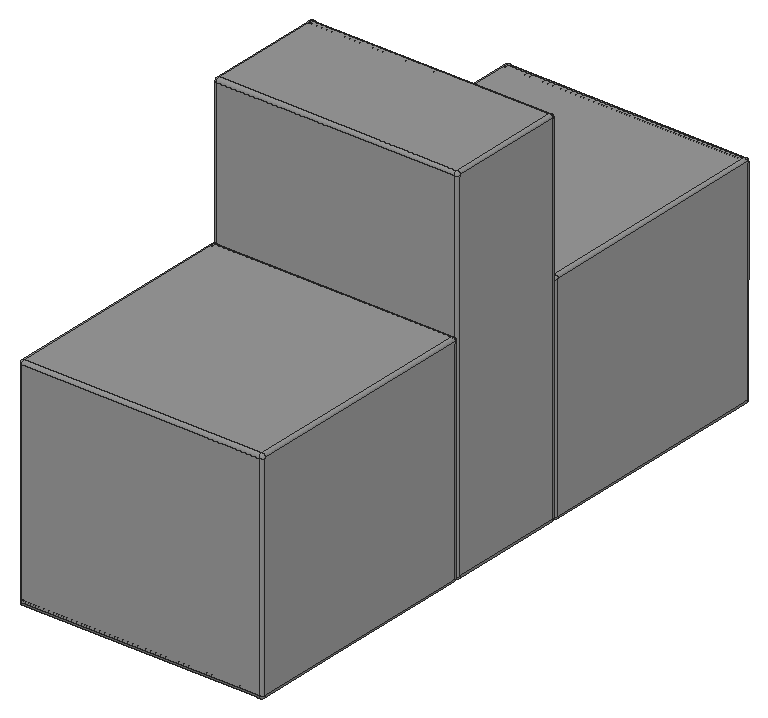
Revit family "TS1021 Elevate Wind Two Sided Lounge Chair", category Generic Models, Revit 2018
Family settings
  Can host rebar = No
  Round Connector Dimension = Use Diameter
  Part Type = Normal
  Work Plane-Based = No
  Always vertical = Yes
  Cut with Voids When Loaded = No
  Shared = No
  Room Calculation Point = No
Parameters
  Seat Fabric = TS1021 Lounge Chair Two Sided Seat Fabric
  Back Fabric = TS1021 Lounge Chair Two Sided Back Fabric
Reference planes (in)
  plane 1 "Center (Front/Back)": y = 0
  plane 2: z = 0
  plane 3 "Center (Left/Right)": x = 0
Forms (in)
  Sweep 1, solid, material "TS1021 Lounge Chair Two Sided Back Fabric" <- "Back Fabric"
    path origin (0, 0, 0) x (0, 1, 0) y (0, 0, 1)
      loop
        line (4.73021, 29.75) -> (-4.73021, 29.75)
        arc (-4.73021, 29.75) -> (-4.7442, 29.7442) -> (-4.75, 29.73021) r 0.01979
        line (-4.75, 29.73021) -> (-4.75, 0.26979)
        arc (-4.75, 0.26979) -> (-4.7442, 0.2558) -> (-4.73021, 0.25) r 0.01979
        line (-4.73021, 0.25) -> (4.73021, 0.25)
        arc (4.73021, 0.25) -> (4.7442, 0.2558) -> (4.75, 0.26979) r 0.01979
        line (4.75, 0.26979) -> (4.75, 29.73021)
        arc (4.75, 29.73021) -> (4.7442, 29.7442) -> (4.73021, 29.75) r 0.01979
    profile origin (0, 0, 29.75) x (0, 0, -1) y (1, 0, 0)
      loop
        line (0, -10) -> (0, 10)
        arc (0, 10) -> (-0.17678, 9.92678) -> (-0.25, 9.75) r 0.25
        line (-0.25, 9.75) -> (-0.25, -9.75)
        arc (-0.25, -9.75) -> (-0.17678, -9.92678) -> (0, -10) r 0.25
  Extrusion 2, solid, material "TS1021 Lounge Chair Two Sided Back Fabric" <- "Back Fabric"
    sketch origin (0, 0, 0) x (0, 1, 0) y (0, 0, 1)
      loop
        arc (4.73021, 0.25) -> (4.7442, 0.2558) -> (4.75, 0.26979) r 0.01979
        line (4.75, 0.26979) -> (4.75, 29.73021)
        arc (4.75, 29.73021) -> (4.7442, 29.7442) -> (4.73021, 29.75) r 0.01979
        line (4.73021, 29.75) -> (-4.73021, 29.75)
        arc (-4.73021, 29.75) -> (-4.7442, 29.7442) -> (-4.75, 29.73021) r 0.01979
        line (-4.75, 29.73021) -> (-4.75, 0.26979)
        arc (-4.75, 0.26979) -> (-4.7442, 0.2558) -> (-4.73021, 0.25) r 0.01979
        line (-4.73021, 0.25) -> (4.73021, 0.25)
    from -10 to 10
  Sweep 3, solid, material "TS1021 Lounge Chair Two Sided Seat Fabric" <- "Seat Fabric"
    path origin (0, -20, 0) x (0, 1, 0) y (0, 0, 1)
      loop
        line (14.73021, 17.75) -> (-4.73021, 17.75)
        arc (-4.73021, 17.75) -> (-4.7442, 17.7442) -> (-4.75, 17.73021) r 0.01979
        line (-4.75, 17.73021) -> (-4.75, 0.26979)
        arc (-4.75, 0.26979) -> (-4.7442, 0.2558) -> (-4.73021, 0.25) r 0.01979
        line (-4.73021, 0.25) -> (14.73021, 0.25)
        arc (14.73021, 0.25) -> (14.7442, 0.2558) -> (14.75, 0.26979) r 0.01979
        line (14.75, 0.26979) -> (14.75, 17.73021)
        arc (14.75, 17.73021) -> (14.7442, 17.7442) -> (14.73021, 17.75) r 0.01979
    profile origin (0, -15, 17.75) x (0, 0, -1) y (1, 0, 0)
      loop
        line (0, -10) -> (0, 10)
        arc (0, 10) -> (-0.17678, 9.92678) -> (-0.25, 9.75) r 0.25
        line (-0.25, 9.75) -> (-0.25, -9.75)
        arc (-0.25, -9.75) -> (-0.17678, -9.92678) -> (0, -10) r 0.25
  Extrusion 4, solid, material "TS1021 Lounge Chair Two Sided Seat Fabric" <- "Seat Fabric"
    sketch origin (0, -20, 0) x (0, 1, 0) y (0, 0, 1)
      loop
        arc (14.73021, 0.25) -> (14.7442, 0.2558) -> (14.75, 0.26979) r 0.01979
        line (14.75, 0.26979) -> (14.75, 17.73021)
        arc (14.75, 17.73021) -> (14.7442, 17.7442) -> (14.73021, 17.75) r 0.01979
        line (14.73021, 17.75) -> (-4.73021, 17.75)
        arc (-4.73021, 17.75) -> (-4.7442, 17.7442) -> (-4.75, 17.73021) r 0.01979
        line (-4.75, 17.73021) -> (-4.75, 0.26979)
        arc (-4.75, 0.26979) -> (-4.7442, 0.2558) -> (-4.73021, 0.25) r 0.01979
        line (-4.73021, 0.25) -> (14.73021, 0.25)
    from -10 to 10
  Sweep 5, solid, material "TS1021 Lounge Chair Two Sided Seat Fabric" <- "Seat Fabric"
    path origin (0, 10, 0) x (0, 1, 0) y (0, 0, 1)
      loop
        line (14.73021, 17.75) -> (-4.73021, 17.75)
        arc (-4.73021, 17.75) -> (-4.7442, 17.7442) -> (-4.75, 17.73021) r 0.01979
        line (-4.75, 17.73021) -> (-4.75, 0.26979)
        arc (-4.75, 0.26979) -> (-4.7442, 0.2558) -> (-4.73021, 0.25) r 0.01979
        line (-4.73021, 0.25) -> (14.73021, 0.25)
        arc (14.73021, 0.25) -> (14.7442, 0.2558) -> (14.75, 0.26979) r 0.01979
        line (14.75, 0.26979) -> (14.75, 17.73021)
        arc (14.75, 17.73021) -> (14.7442, 17.7442) -> (14.73021, 17.75) r 0.01979
    profile origin (0, 15, 17.75) x (0, 0, -1) y (1, 0, 0)
      loop
        line (0, -10) -> (0, 10)
        arc (0, 10) -> (-0.17678, 9.92678) -> (-0.25, 9.75) r 0.25
        line (-0.25, 9.75) -> (-0.25, -9.75)
        arc (-0.25, -9.75) -> (-0.17678, -9.92678) -> (0, -10) r 0.25
  Extrusion 6, solid, material "TS1021 Lounge Chair Two Sided Seat Fabric" <- "Seat Fabric"
    sketch origin (0, 10, 0) x (0, 1, 0) y (0, 0, 1)
      loop
        arc (14.73021, 0.25) -> (14.7442, 0.2558) -> (14.75, 0.26979) r 0.01979
        line (14.75, 0.26979) -> (14.75, 17.73021)
        arc (14.75, 17.73021) -> (14.7442, 17.7442) -> (14.73021, 17.75) r 0.01979
        line (14.73021, 17.75) -> (-4.73021, 17.75)
        arc (-4.73021, 17.75) -> (-4.7442, 17.7442) -> (-4.75, 17.73021) r 0.01979
        line (-4.75, 17.73021) -> (-4.75, 0.26979)
        arc (-4.75, 0.26979) -> (-4.7442, 0.2558) -> (-4.73021, 0.25) r 0.01979
        line (-4.73021, 0.25) -> (14.73021, 0.25)
    from -10 to 10
Dimensions and locks (in)
  aligned and locked: plane 2 to level
